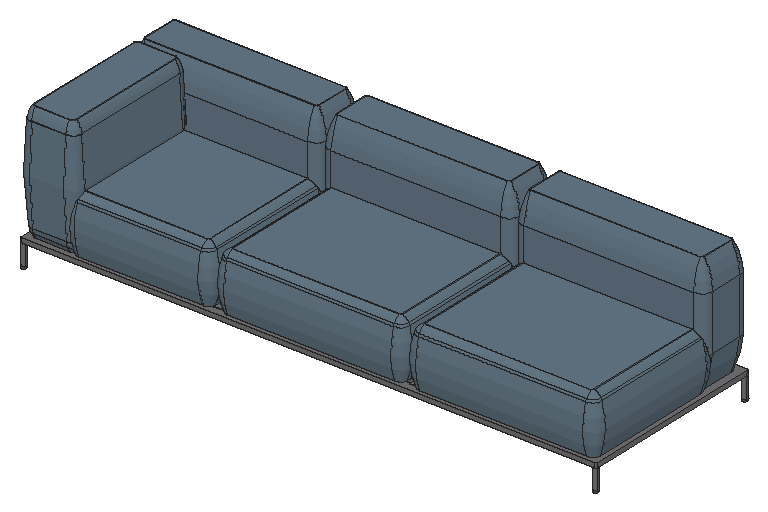
Revit family "Haworth_Mex-Hi_Sofa_Wide_OneArm", category Furniture, Revit 2018
Family settings
  OmniClass Number = 23.40.70.14.64.21
  OmniClass Title = Systems Furniture
  Work Plane-Based = No
  Always vertical = Yes
  Cut with Voids When Loaded = No
  Shared = No
  Room Calculation Point = No
Parameters (values of type "Three Seat Sofa")
  Warranty = "http://www.haworth.com/resources/product-info/warranties"
  URL - Product = "https://www.haworth.com/na/en/products/lounge-sofas/ottomans/mex-hi-seating.html"
  URL = "https://www.haworth.com/na/en/about/brands/haworth-collection.html"
  Two Seats Wide = no
  Trim Finish = Haworth _ Polymer _ Black
  Three Seats Wide = not(Two Seats Wide)  # yes
  Sustainability Info = "https://www.haworth.com/na/en/expertise/sustainability.html"
  Size = "Verify Final Dim. w/ Haworth"  # constant formula
  Seat Upholstery Finish [instance] = Haworth _ Leather _ Scozia _ Oceano ES-342
  Revision Number = "1"  # constant formula
  Model = "HCCSMHL"  # constant formula
  Manufacturer = "Haworth"  # constant formula
  Description = "Haworth - Cassina - Mex-Hi - Sofa - With One Arm - Wide Three Seat"
  Base Finish [instance] = Haworth _ Paint _ Matte Anthracite 69-ANT
  Back Upholstery Finish [instance] = Haworth _ Leather _ Scozia _ Oceano ES-342
  Author = "Haworth (Abd Rahman)"  # constant formula
  Assembly Code = "E2020200"
  Arm Finish [instance] = Haworth _ Leather _ Scozia _ Oceano ES-342
  Actual Width = if(Two Seats Wide, 86.60", 106.30")  # 106.30"
  Actual Height = 28.30"  # constant formula
  Actual Depth = 35.50"  # constant formula
Reference planes (in)
  plane 1: z = 0
  plane 2 "Center L/R": x = -6.11989
  plane 3 "Center F/B": y = -11.5
  plane 4 "Top": z = 28.3
  plane 5 "Back": y = 6.25
  plane 6 "Front": y = -29.25
  plane 7 "Right": x = 47.03011
  plane 8 "Left": x = -59.26989
  plane 9: x = -23.83656
  plane 10: x = 11.59677
  plane 11: z = 4.88189
Dimensions and locks (in)
  equal spacing: plane 8 "Left", plane 2 "Center L/R", plane 7 "Right"
  "Actual Width": plane 8 "Left" to plane 7 "Right"
  equal spacing: plane 5 "Back", plane 3 "Center F/B", plane 6 "Front"
  "Actual Depth": plane 5 "Back" to plane 6 "Front"
  "Actual Height": plane 4 "Top" to plane 1
  equal spacing: plane 8 "Left", plane 9, plane 10, plane 7 "Right"
  aligned and locked: nested 2 to plane 5 "Back"
  aligned and locked: plane 2 "Center L/R" to nested 8
  aligned and locked: plane 3 "Center F/B" to nested 8
  aligned and locked: plane 2 "Center L/R" to nested 1
  aligned and locked: plane 7 "Right" to nested 2
  aligned and locked: plane 8 "Left" to nested 3
  aligned and locked: nested 4 to plane 2 "Center L/R"
  aligned and locked: plane 8 "Left" to nested 6
  aligned and locked: plane 2 "Center L/R" to nested 9
  aligned and locked: plane 7 "Right" to nested 11
  aligned and locked: plane 8 "Left" to nested 12
  aligned and locked: plane 5 "Back" to nested 12
  aligned and locked: nested 11 to plane 5 "Back"
  aligned and locked: plane 7 "Right" to nested 5
  aligned and locked: nested 10 to plane 2 "Center L/R"
  aligned and locked: plane 9 to nested 7
  aligned and locked: nested 8 to plane 11
  aligned and locked: nested 3 to plane 11
  aligned and locked: nested 12 to plane 11
  aligned and locked: nested 4 to plane 11
  aligned and locked: plane 11 to nested 11
  aligned and locked: plane 11 to nested 2
  aligned and locked: nested 6 to plane 11
  aligned and locked: plane 11 to nested 7
  aligned and locked: plane 11 to nested 9
  aligned and locked: plane 11 to nested 1
  aligned and locked: plane 11 to nested 10
  aligned and locked: plane 11 to nested 5
  aligned and locked: plane 5 "Back" to nested 4
Nested families (in)
  nested 1: "Haworth_Mex-Hi_Sofa_Seat-Wide-PART" at (0, -3.81934, 0), Seat Upholstery Finish <- "Seat Upholstery Finish", visible <- "Three Seats Wide", type "Seat Wide - PART - Middle - Small"
    with Seat Upholstery Finish Haworth _ Leather _ Scozia _ Oceano ES-342
  nested 2: "Haworth_Mex-Hi_Sofa_Back-Wide-PART" at (35.78887, 9.90612, -0.04956), Back Upholstery Finish <- "Back Upholstery Finish", visible <- "Three Seats Wide", type "Back Wide - PART - Small"
    with Back Upholstery Finish Haworth _ Leather _ Scozia _ Oceano ES-342, Extra Small no
  nested 3: "Haworth_Mex-Hi_Sofa_Back-Wide-PART" at (-48.02865, 9.90612, -0.04956) x (-1, 0, 0) z (0, 0, 1), Back Upholstery Finish <- "Back Upholstery Finish", visible <- "Three Seats Wide", type "Back Wide - PART - Small"
    with Back Upholstery Finish Haworth _ Leather _ Scozia _ Oceano ES-342, Extra Small no
  nested 4: "Haworth_Mex-Hi_Sofa_Back-Wide-PART" at (-12.59365, 9.90612, -0.04956) x (-1, 0, 0) z (0, 0, 1), Back Upholstery Finish <- "Back Upholstery Finish", visible <- "Three Seats Wide", type "Back Wide - PART - Small"
    with Back Upholstery Finish Haworth _ Leather _ Scozia _ Oceano ES-342, Extra Small no
  nested 5: "Haworth_Mex-Hi_Sofa_Seat-Wide-PART" at (35.30039, -3.81836, 0), Seat Upholstery Finish <- "Seat Upholstery Finish", visible <- "Three Seats Wide", type "Seat Wide - PART - Middle - Small"
    with Seat Upholstery Finish Haworth _ Leather _ Scozia _ Oceano ES-342
  nested 6: "Haworth_Mex-Hi_Sofa_Arm-Wide-PART" at (-60.83683, -6.3526, -0.04956) x (-1, 0, 0) z (0, 0, 1), Arm Finish <- "Arm Finish", type "Arm Wide - PART"
    with Arm Finish Haworth _ Leather _ Scozia _ Oceano ES-342
  nested 7: "Haworth_Mex-Hi_Sofa_Seat-Wide-PART" at (-31.39794, -3.81836, 0), Seat Upholstery Finish <- "Seat Upholstery Finish", visible <- "Three Seats Wide", type "Seat Wide - PART - L/R"
    with Seat Upholstery Finish Haworth _ Leather _ Scozia _ Oceano ES-342
  nested 8: "Haworth_Mex-Hi_Sofa_Base-PART" at (0, 0, 0), Base Finish <- "Base Finish", type "Base - PART"
    with Base Finish Haworth _ Paint _ Matte Anthracite 69-ANT, Two Seats no
  nested 9: "Haworth_Mex-Hi_Sofa_Seat-Wide-PART" at (-17.84961, -3.81836, 0), visible <- "Two Seats Wide", Seat Upholstery Finish <- "Seat Upholstery Finish", type "Seat Wide - PART - Middle - Small"
    with Seat Upholstery Finish Haworth _ Leather _ Scozia _ Oceano ES-342
  nested 10: "Haworth_Mex-Hi_Sofa_Seat-Wide-PART" at (22.30183, -3.81836, 0), visible <- "Two Seats Wide", Seat Upholstery Finish <- "Seat Upholstery Finish", type "Seat Wide - PART - Middle - Large"
    with Seat Upholstery Finish Haworth _ Leather _ Scozia _ Oceano ES-342
  nested 11: "Haworth_Mex-Hi_Sofa_Back-Wide-PART" at (35.78887, 9.90612, -0.04956), visible <- "Two Seats Wide", Back Upholstery Finish <- "Back Upholstery Finish", type "Back Wide - PART - Large"
    with Back Upholstery Finish Haworth _ Leather _ Scozia _ Oceano ES-342, Extra Small no
  nested 12: "Haworth_Mex-Hi_Sofa_Back-Wide-PART" at (-48.02865, 9.90612, -0.04956) x (-1, 0, 0) z (0, 0, 1), visible <- "Two Seats Wide", Back Upholstery Finish <- "Back Upholstery Finish", type "Back Wide - PART - Large"
    with Back Upholstery Finish Haworth _ Leather _ Scozia _ Oceano ES-342, Extra Small no
Definition of nested family "Haworth_Mex-Hi_Sofa_Seat-Wide-PART"
  Parameters (values of type "Seat Wide - PART - Middle - Large")
    Warranty = "http://www.haworth.com/resources/product-info/warranties"
    URL - Product = "https://www.haworth.com/na/en/products/lounge-sofas/ottomans/mex-hi-seating.html"
    URL = "https://www.haworth.com/na/en/about/brands/haworth-collection.html"
    Sustainability Info = "https://www.haworth.com/na/en/expertise/sustainability.html"
    Size = "Verify Final Dim. w/ Haworth"  # constant formula
    Seat Upholstery Finish [instance] = none
    Seat Height = 17.00"  # constant formula
    Revision Number = "1"  # constant formula
    Peninsula Seat = no
    Model = "Haworth - Cassina - Mex-Hi"  # constant formula
    Middle Small Seat = no
    Middle Large Seat = yes
    Manufacturer = "Haworth"  # constant formula
    L/R Seat = no
    Description = "Haworth - Cassina - Mex-Hi - Seat - Wide - PART"  # constant formula
    Author = "Haworth (Abd Rahman)"  # constant formula
    Assembly Code = "E2020200"
    Actual Width = 35.69922"  # constant formula
    Actual Height = 27.39844"  # constant formula
    Actual Depth = 28.80078"  # constant formula
  Types (3): name | Middle Small Seat | Middle Large Seat | L/R Seat
    Seat Wide - PART - Middle - Large | no | yes | no
    Seat Wide - PART - Middle - Small | yes | no | no
    Seat Wide - PART - L/R | no | no | yes
  Reference planes (in)
    plane 1: z = 0
    plane 2 "Center L/R": x = -6.11989
    plane 3 "Center F/B": y = -11.5
    plane 4 "Top": z = 27.39844
    plane 5 "Back": y = 2.90039
    plane 6 "Front": y = -25.90039
    plane 7 "Right": x = 11.72972
    plane 8 "Left": x = -23.9695
    plane 9: z = 17
    plane 10: x = 21.18638
    plane 11: x = -30.55117
    plane 12: x = -28.42172
    plane 13: x = 16.11448
    plane 14: x = -19.80117
    plane 15: x = 7.56138
  Forms (in)
    Extrusion 1, solid, material <- "Seat Upholstery Finish", visible <- "Middle Small Seat"
      sketch origin (4.78944, 14.72405, 0) x (1, 0, 0) y (0, 1, 0)
        loop
          arc (4.64853, -14.53597) -> (4.58765, -14.38899) -> (4.44067, -14.32811) r 0.20787
          line (4.44067, -14.32811) -> (-26.25933, -14.32811)
          arc (-26.25933, -14.32811) -> (-26.40632, -14.38899) -> (-26.4672, -14.53597) r 0.20787
          line (-26.4672, -14.53597) -> (-26.4672, -37.69252)
          arc (-26.4672, -37.69252) -> (-26.40632, -37.83951) -> (-26.25933, -37.90039) r 0.20787
          line (-26.25933, -37.90039) -> (4.44067, -37.90039)
          arc (4.44067, -37.90039) -> (4.58765, -37.83951) -> (4.64853, -37.69252) r 0.20787
          line (4.64853, -37.69252) -> (4.64853, -14.53597)
      from 4.88189 to 15.36974
    Sweep 2, solid, material <- "Seat Upholstery Finish", visible <- "Middle Small Seat"
      path origin (4.78944, 14.72405, 0) x (1, 0, 0) y (0, 1, 0)
        loop
          arc (4.44067, -39.44252) -> (5.6781, -38.92996) -> (6.19067, -37.69252) r 1.75
          line (6.19067, -37.69252) -> (6.19067, -14.53597)
          arc (6.19067, -14.53597) -> (5.6781, -13.29854) -> (4.44067, -12.78597) r 1.75
          line (4.44067, -12.78597) -> (-26.25933, -12.78597)
          arc (-26.25933, -12.78597) -> (-27.49677, -13.29854) -> (-28.00933, -14.53597) r 1.75
          line (-28.00933, -14.53597) -> (-28.00933, -37.69252)
          arc (-28.00933, -37.69252) -> (-27.49677, -38.92996) -> (-26.25933, -39.44252) r 1.75
          line (-26.25933, -39.44252) -> (4.44067, -39.44252)
      profile origin (-6.11989, -24.71848, 0) x (0, -1, 0) y (0, 0, 1)
        loop
          arc (-0.11034, 13.92822) -> (-0.19803, 14.13034) -> (-0.31579, 14.31655) r 1.42697
          arc (-0.31579, 14.31655) -> (-0.8708, 14.91087) -> (-1.54213, 15.36974) r 3.70331
          line (-1.54213, 15.36974) -> (-1.54213, 4.88189) -> (-0.41268, 4.88189)
          arc (-0.41268, 4.88189) -> (0.57441, 9.37712) -> (-0.11034, 13.92822) r 12.66244
    Extrusion 3, solid, material <- "Seat Upholstery Finish", visible <- "L/R Seat"
      sketch origin (4.35194, 14.72405, 0) x (1, 0, 0) y (0, 1, 0)
        loop
          arc (0.87817, -37.90039) -> (1.02515, -37.83951) -> (1.08603, -37.69252) r 0.20787
          line (1.08603, -37.69252) -> (1.08603, -14.53597)
          arc (1.08603, -14.53597) -> (1.02515, -14.38899) -> (0.87817, -14.32811) r 0.20787
          line (0.87817, -14.32811) -> (-21.82183, -14.32811)
          arc (-21.82183, -14.32811) -> (-21.96882, -14.38899) -> (-22.0297, -14.53597) r 0.20787
          line (-22.0297, -14.53597) -> (-22.0297, -37.69252)
          arc (-22.0297, -37.69252) -> (-21.96882, -37.83951) -> (-21.82183, -37.90039) r 0.20787
          line (-21.82183, -37.90039) -> (0.87817, -37.90039)
      from 4.88189 to 15.36974
    Sweep 4, solid, material <- "Seat Upholstery Finish", visible <- "L/R Seat"
      path origin (4.35194, 14.72405, 0) x (1, 0, 0) y (0, 1, 0)
        loop
          arc (0.87817, -39.44252) -> (2.1156, -38.92996) -> (2.62817, -37.69252) r 1.75
          line (2.62817, -37.69252) -> (2.62817, -14.53597)
          arc (2.62817, -14.53597) -> (2.1156, -13.29854) -> (0.87817, -12.78597) r 1.75
          line (0.87817, -12.78597) -> (-21.82183, -12.78597)
          arc (-21.82183, -12.78597) -> (-23.05927, -13.29854) -> (-23.57183, -14.53597) r 1.75
          line (-23.57183, -14.53597) -> (-23.57183, -37.69252)
          arc (-23.57183, -37.69252) -> (-23.05927, -38.92996) -> (-21.82183, -39.44252) r 1.75
          line (-21.82183, -39.44252) -> (0.87817, -39.44252)
      profile origin (-6.11989, -24.71848, 0) x (0, -1, 0) y (0, 0, 1)
        loop
          arc (-0.11034, 13.92822) -> (-0.19803, 14.13034) -> (-0.31579, 14.31655) r 1.42697
          arc (-0.31579, 14.31655) -> (-0.8708, 14.91087) -> (-1.54213, 15.36974) r 3.70331
          line (-1.54213, 15.36974) -> (-1.54213, 4.88189) -> (-0.41268, 4.88189)
          arc (-0.41268, 4.88189) -> (0.57441, 9.37712) -> (-0.11034, 13.92822) r 12.66244
    Sweep 5, solid, material <- "Seat Upholstery Finish", visible <- "Peninsula Seat"
      path origin (4.53944, 14.72405, 0) x (1, 0, 0) y (0, 1, 0)
        loop
          arc (14.30963, -39.44252) -> (15.54706, -38.92996) -> (16.05963, -37.69252) r 1.75
          line (16.05963, -37.69252) -> (16.05963, -6.28597)
          arc (16.05963, -6.28597) -> (15.54706, -5.04854) -> (14.30963, -4.53597) r 1.75
          line (14.30963, -4.53597) -> (2.57093, -4.53597)
          arc (2.57093, -4.53597) -> (1.33349, -5.04854) -> (0.82093, -6.28597) r 1.75
          line (0.82093, -6.28597) -> (0.82093, -15.03597) -> (-32.75329, -15.03597)
          arc (-32.75329, -15.03597) -> (-33.99073, -15.54854) -> (-34.50329, -16.78597) r 1.75
          line (-34.50329, -16.78597) -> (-34.50329, -37.69252)
          arc (-34.50329, -37.69252) -> (-33.99073, -38.92996) -> (-32.75329, -39.44252) r 1.75
          line (-32.75329, -39.44252) -> (14.30963, -39.44252)
      profile origin (-4.68239, -24.71848, 0) x (0, -1, 0) y (0, 0, 1)
        loop
          arc (-0.11034, 13.92822) -> (-0.19803, 14.13034) -> (-0.31579, 14.31655) r 1.42697
          arc (-0.31579, 14.31655) -> (-0.8708, 14.91087) -> (-1.54213, 15.36974) r 3.70331
          line (-1.54213, 15.36974) -> (-1.54213, 4.88189) -> (-0.41268, 4.88189)
          arc (-0.41268, 4.88189) -> (0.57441, 9.37712) -> (-0.11034, 13.92822) r 12.66244
    Extrusion 6, solid, material <- "Seat Upholstery Finish", visible <- "Peninsula Seat"
      sketch origin (0, 0, 0) x (1, 0, 0) y (0, 1, 0)
        loop
          arc (-28.42172, -22.96848) -> (-28.36084, -23.11546) -> (-28.21385, -23.17634) r 0.20787
          line (-28.21385, -23.17634) -> (18.84907, -23.17634)
          arc (18.84907, -23.17634) -> (18.99605, -23.11546) -> (19.05693, -22.96848) r 0.20787
          line (19.05693, -22.96848) -> (19.05693, 8.43807)
          arc (19.05693, 8.43807) -> (18.99605, 8.58506) -> (18.84907, 8.64594) r 0.20787
          line (18.84907, 8.64594) -> (7.11037, 8.64594)
          arc (7.11037, 8.64594) -> (6.96338, 8.58506) -> (6.9025, 8.43807) r 0.20787
          line (6.9025, 8.43807) -> (6.9025, -1.85406) -> (-28.21385, -1.85406)
          arc (-28.21385, -1.85406) -> (-28.36084, -1.91494) -> (-28.42172, -2.06193) r 0.20787
          line (-28.42172, -2.06193) -> (-28.42172, -22.96848)
      from 4.88189 to 15.36974
    Sweep 7, solid, material <- "Seat Upholstery Finish", visible <- "Middle Large Seat"
      path origin (4.78944, 14.72405, 0) x (1, 0, 0) y (0, 1, 0)
        loop
          arc (8.99067, -39.44252) -> (10.2281, -38.92996) -> (10.74067, -37.69252) r 1.75
          line (10.74067, -37.69252) -> (10.74067, -14.53597)
          arc (10.74067, -14.53597) -> (10.2281, -13.29854) -> (8.99067, -12.78597) r 1.75
          line (8.99067, -12.78597) -> (-30.80933, -12.78597)
          arc (-30.80933, -12.78597) -> (-32.04677, -13.29854) -> (-32.55933, -14.53597) r 1.75
          line (-32.55933, -14.53597) -> (-32.55933, -37.69252)
          arc (-32.55933, -37.69252) -> (-32.04677, -38.92996) -> (-30.80933, -39.44252) r 1.75
          line (-30.80933, -39.44252) -> (8.99067, -39.44252)
      profile origin (-6.11989, -24.71848, 0) x (0, -1, 0) y (0, 0, 1)
        loop
          arc (-0.11034, 13.92822) -> (-0.19803, 14.13034) -> (-0.31579, 14.31655) r 1.42697
          arc (-0.31579, 14.31655) -> (-0.8708, 14.91087) -> (-1.54213, 15.36974) r 3.70331
          line (-1.54213, 15.36974) -> (-1.54213, 4.88189) -> (-0.41268, 4.88189)
          arc (-0.41268, 4.88189) -> (0.57441, 9.37712) -> (-0.11034, 13.92822) r 12.66244
    Extrusion 8, solid, material <- "Seat Upholstery Finish", visible <- "Middle Large Seat"
      sketch origin (4.78944, 14.97405, 0) x (1, 0, 0) y (0, 1, 0)
        loop
          arc (9.19853, -14.53597) -> (9.13765, -14.38899) -> (8.99067, -14.32811) r 0.20787
          line (8.99067, -14.32811) -> (-30.80933, -14.32811)
          arc (-30.80933, -14.32811) -> (-30.95632, -14.38899) -> (-31.0172, -14.53597) r 0.20787
          line (-31.0172, -14.53597) -> (-31.0172, -37.94252)
          arc (-31.0172, -37.94252) -> (-30.95632, -38.08951) -> (-30.80933, -38.15039) r 0.20787
          line (-30.80933, -38.15039) -> (8.99067, -38.15039)
          arc (8.99067, -38.15039) -> (9.13765, -38.08951) -> (9.19853, -37.94252) r 0.20787
          line (9.19853, -37.94252) -> (9.19853, -14.53597)
      from 4.88189 to 15.36974
  Lines and regions (in)
    Masking region 1, visible <- "Middle Small Seat"
      outline origin (0, 0, 0) x (1, 0, 0) y (0, 1, 0)
        loop
          line (-23.80117, 0.15039) -> (-23.80117, -22.93079)
          arc (-23.80117, -22.93079) -> (-23.06894, -24.69856) -> (-21.30117, -25.43079) r 2.5
          line (-21.30117, -25.43079) -> (9.06138, -25.43079)
          arc (9.06138, -25.43079) -> (10.82915, -24.69856) -> (11.56138, -22.93079) r 2.5
          line (11.56138, -22.93079) -> (11.56138, 0.15039)
          arc (11.56138, 0.15039) -> (10.82915, 1.91816) -> (9.06138, 2.65039) r 2.5
          line (9.06138, 2.65039) -> (-21.30117, 2.65039)
          arc (-21.30117, 2.65039) -> (-23.06894, 1.91816) -> (-23.80117, 0.15039) r 2.5
    Masking region 2, visible <- "L/R Seat"
      outline origin (0, 0, 0) x (1, 0, 0) y (0, 1, 0)
        loop
          line (-19.80117, 0.15039) -> (-19.80117, -22.93079)
          arc (-19.80117, -22.93079) -> (-19.06894, -24.69856) -> (-17.30117, -25.43079) r 2.5
          line (-17.30117, -25.43079) -> (5.06138, -25.43079)
          arc (5.06138, -25.43079) -> (6.82915, -24.69856) -> (7.56138, -22.93079) r 2.5
          line (7.56138, -22.93079) -> (7.56138, 0.15039)
          arc (7.56138, 0.15039) -> (6.82915, 1.91816) -> (5.06138, 2.65039) r 2.5
          line (5.06138, 2.65039) -> (-17.30117, 2.65039)
          arc (-17.30117, 2.65039) -> (-19.06894, 1.91816) -> (-19.80117, 0.15039) r 2.5
    Masking region 3, visible <- "Peninsula Seat"
      outline origin (0, 0, 0) x (1, 0, 0) y (0, 1, 0)
        loop
          line (4.77305, 0.27539) -> (-28.30117, 0.27539)
          arc (-28.30117, 0.27539) -> (-29.89216, -0.38362) -> (-30.55117, -1.97461) r 2.25
          line (-30.55117, -1.97461) -> (-30.55117, -23.05579)
          arc (-30.55117, -23.05579) -> (-29.89216, -24.64678) -> (-28.30117, -25.30579) r 2.25
          line (-28.30117, -25.30579) -> (18.93638, -25.30579)
          arc (18.93638, -25.30579) -> (20.52737, -24.64678) -> (21.18638, -23.05579) r 2.25
          line (21.18638, -23.05579) -> (21.18638, 8.52539)
          arc (21.18638, 8.52539) -> (20.52737, 10.11638) -> (18.93638, 10.77539) r 2.25
          line (18.93638, 10.77539) -> (7.02305, 10.77539)
          arc (7.02305, 10.77539) -> (5.43206, 10.11638) -> (4.77305, 8.52539) r 2.25
          line (4.77305, 8.52539) -> (4.77305, 0.27539)
    Masking region 4, visible <- "Middle Large Seat"
      outline origin (0, 0, 0) x (1, 0, 0) y (0, 1, 0)
        loop
          line (-28.42172, 0.15039) -> (-28.42172, -22.93079)
          arc (-28.42172, -22.93079) -> (-27.68949, -24.69856) -> (-25.92172, -25.43079) r 2.5
          line (-25.92172, -25.43079) -> (13.61448, -25.43079)
          arc (13.61448, -25.43079) -> (15.38225, -24.69856) -> (16.11448, -22.93079) r 2.5
          line (16.11448, -22.93079) -> (16.11448, 0.15039)
          arc (16.11448, 0.15039) -> (15.38225, 1.91816) -> (13.61448, 2.65039) r 2.5
          line (13.61448, 2.65039) -> (-25.92172, 2.65039)
          arc (-25.92172, 2.65039) -> (-27.68949, 1.91816) -> (-28.42172, 0.15039) r 2.5
  Dimensions and locks (in)
    equal spacing: plane 8 "Left", plane 2 "Center L/R", plane 7 "Right"
    "Actual Width": plane 8 "Left" to plane 7 "Right"
    equal spacing: plane 5 "Back", plane 3 "Center F/B", plane 6 "Front"
    "Actual Depth": plane 5 "Back" to plane 6 "Front"
    "Actual Height": plane 4 "Top" to plane 1
    "Seat Height": plane 9 to level
    aligned and locked: Sweep 7 to Extrusion 8 sketch curve
    aligned and locked: Extrusion 8 sketch curve to Sweep 7
  Automatic sketch dimensions
    plane 8 "Left" to Extrusion 1 sketch curve = 2.29174"
    Extrusion 1 sketch curve to Extrusion 1 sketch curve = 0.20787"  (x3)
    Extrusion 1 sketch curve to plane 7 "Right" = 2.49961"  (x2)
    plane 6 "Front" to Extrusion 1 sketch curve = 2.72405"
    Extrusion 1 sketch curve to plane 5 "Back" = 2.71232"
    plane 8 "Left" to Sweep 2 sketch curve = 0.74961"
    Sweep 2 sketch curve to plane 5 "Back" = 0.96232"
    Sweep 2 sketch curve to Sweep 2 sketch curve = 1.75"  (x2)
    plane 6 "Front" to Sweep 2 sketch curve = 1.18191"
    Sweep 2 sketch curve to plane 7 "Right" = 2.49961"  (x2)
    Sweep 2 sketch curve to plane 7 "Right" = 0.74961"
    profile plane to Sweep 2 sketch curve = 12.08096"
    profile plane to Sweep 2 sketch curve = 3.28358"
    profile plane to Sweep 2 sketch curve = 1.54213"
    profile plane to Sweep 2 sketch curve = 1.45935"
    profile plane to Sweep 2 sketch curve = 0.41268"
    level to Sweep 2 sketch curve = 4.88189"
    level to Sweep 2 sketch curve = 9.80008"
    Sweep 2 sketch curve to Sweep 2 sketch curve = 7.21954"
    Sweep 2 sketch curve to Sweep 2 sketch curve = 1.36158"
    Sweep 2 sketch curve to Sweep 2 sketch curve = 1.90673"
    Sweep 2 sketch curve to Sweep 2 sketch curve = 0.00"
    plane 6 "Front" to Extrusion 3 sketch curve = 2.93191"  (x2)
    plane 8 "Left" to Extrusion 3 sketch curve = 6.29174"
    Extrusion 3 sketch curve to Extrusion 3 sketch curve = 0.20787"  (x2)
    Extrusion 3 sketch curve to plane 5 "Back" = 2.71232"
    Extrusion 3 sketch curve to plane 7 "Right" = 6.49961"  (x2)
    plane 8 "Left" to Sweep 4 sketch curve = 4.74961"
    Sweep 4 sketch curve to plane 5 "Back" = 0.96232"
    Sweep 4 sketch curve to Sweep 4 sketch curve = 1.75"  (x3)
    plane 6 "Front" to Sweep 4 sketch curve = 1.18191"
    plane 6 "Front" to Sweep 4 sketch curve = 2.93191"
    Sweep 4 sketch curve to plane 7 "Right" = 6.49961"
    profile plane to Sweep 4 sketch curve = 12.08096"
    profile plane to Sweep 4 sketch curve = 3.28358"
    profile plane to Sweep 4 sketch curve = 1.54213"
    profile plane to Sweep 4 sketch curve = 1.45935"
    profile plane to Sweep 4 sketch curve = 0.41268"
    level to Sweep 4 sketch curve = 4.88189"
    level to Sweep 4 sketch curve = 9.80008"
    Sweep 4 sketch curve to Sweep 4 sketch curve = 7.21954"
    Sweep 4 sketch curve to Sweep 4 sketch curve = 1.36158"
    Sweep 4 sketch curve to Sweep 4 sketch curve = 1.90673"
    Sweep 4 sketch curve to Sweep 4 sketch curve = 0.00"
    plane 8 "Left" to Masking region 1 sketch curve = 0.16833"
    plane 6 "Front" to Masking region 1 sketch curve = 0.4696"
    plane 8 "Left" to Masking region 1 sketch curve = 2.66833"
    Masking region 1 sketch curve to Masking region 1 sketch curve = 2.50"
    Masking region 1 sketch curve to plane 5 "Back" = 0.25"
    Masking region 1 sketch curve to plane 7 "Right" = 2.66833"  (x2)
    Masking region 1 sketch curve to plane 7 "Right" = 0.16833"
    plane 8 "Left" to Masking region 2 sketch curve = 4.16833"
    Masking region 2 sketch curve to Masking region 2 sketch curve = 2.50"  (x3)
    Masking region 2 sketch curve to plane 5 "Back" = 0.25"
    Masking region 2 sketch curve to plane 7 "Right" = 6.66833"  (x2)
    plane 6 "Front" to Masking region 2 sketch curve = 0.4696"
    Sweep 5 sketch curve to plane 8 "Left" = 5.99435"
    Sweep 5 sketch curve to Sweep 5 sketch curve = 1.75"  (x4)
    Sweep 5 sketch curve to plane 7 "Right" = 6.36935"
    plane 7 "Right" to Sweep 5 sketch curve = 7.11935"  (x2)
    plane 6 "Front" to Sweep 5 sketch curve = 2.93191"
    Sweep 5 sketch curve to plane 5 "Back" = 4.96232"
    plane 5 "Back" to Sweep 5 sketch curve = 5.53768"
    profile plane to Sweep 5 sketch curve = 12.08096"
    profile plane to Sweep 5 sketch curve = 3.28358"
    profile plane to Sweep 5 sketch curve = 1.54213"
    profile plane to Sweep 5 sketch curve = 1.45935"
    profile plane to Sweep 5 sketch curve = 0.41268"
    level to Sweep 5 sketch curve = 4.88189"
    level to Sweep 5 sketch curve = 9.80008"
    Sweep 5 sketch curve to Sweep 5 sketch curve = 7.21954"
    Sweep 5 sketch curve to Sweep 5 sketch curve = 1.36158"
    Sweep 5 sketch curve to Sweep 5 sketch curve = 1.90673"
    Sweep 5 sketch curve to Sweep 5 sketch curve = 0.00"
    Extrusion 6 sketch curve to plane 8 "Left" = 4.45222"
    Extrusion 6 sketch curve to Extrusion 6 sketch curve = 0.20787"  (x4)
    Extrusion 6 sketch curve to plane 7 "Right" = 4.82722"
    plane 6 "Front" to Extrusion 6 sketch curve = 2.72405"
    plane 7 "Right" to Extrusion 6 sketch curve = 7.11935"  (x2)
    Extrusion 6 sketch curve to plane 5 "Back" = 4.96232"
    plane 5 "Back" to Extrusion 6 sketch curve = 5.53768"
    Masking region 3 sketch curve to plane 8 "Left" = 6.58167"
    plane 6 "Front" to Masking region 3 sketch curve = 0.5946"
    Masking region 3 sketch curve to Masking region 3 sketch curve = 2.25"  (x4)
    Masking region 3 sketch curve to plane 5 "Back" = 2.625"
    Masking region 3 sketch curve to plane 7 "Right" = 6.95667"
    plane 7 "Right" to Masking region 3 sketch curve = 7.20667"  (x2)
    plane 5 "Back" to Masking region 3 sketch curve = 5.625"
    Sweep 7 sketch curve to plane 8 "Left" = 3.80039"
    Sweep 7 sketch curve to plane 5 "Back" = 0.96232"
    Sweep 7 sketch curve to plane 8 "Left" = 2.05039"  (x2)
    plane 6 "Front" to Sweep 7 sketch curve = 1.18191"
    plane 7 "Right" to Sweep 7 sketch curve = 2.05039"  (x2)
    Sweep 7 sketch curve to Sweep 7 sketch curve = 1.75"
    profile plane to Sweep 7 sketch curve = 12.08096"
    profile plane to Sweep 7 sketch curve = 3.28358"
    profile plane to Sweep 7 sketch curve = 1.54213"
    profile plane to Sweep 7 sketch curve = 1.45935"
    profile plane to Sweep 7 sketch curve = 0.41268"
    level to Sweep 7 sketch curve = 4.88189"
    level to Sweep 7 sketch curve = 9.80008"
    Sweep 7 sketch curve to Sweep 7 sketch curve = 7.21954"
    Sweep 7 sketch curve to Sweep 7 sketch curve = 1.36158"
    Sweep 7 sketch curve to Sweep 7 sketch curve = 1.90673"
    Sweep 7 sketch curve to Sweep 7 sketch curve = 0.00"
    Extrusion 8 sketch curve to Extrusion 8 sketch curve = 0.20787"  (x4)
    plane 6 "Front" to Extrusion 8 sketch curve = 2.72405"
    Extrusion 8 sketch curve to plane 5 "Back" = 2.46232"
    Masking region 4 sketch curve to plane 5 "Back" = 2.75"
    Masking region 4 sketch curve to plane 8 "Left" = 4.45222"
    plane 6 "Front" to Masking region 4 sketch curve = 0.4696"
    Masking region 4 sketch curve to plane 8 "Left" = 1.95222"  (x2)
    plane 7 "Right" to Masking region 4 sketch curve = 1.88477"  (x2)
    Masking region 4 sketch curve to Masking region 4 sketch curve = 2.50"
Definition of nested family "Haworth_Mex-Hi_Sofa_Back-Wide-PART"
  Parameters (values of type "Back Wide - PART - Small")
    Warranty = "http://www.haworth.com/resources/product-info/warranties"
    URL - Product = "https://www.haworth.com/na/en/products/lounge-sofas/ottomans/mex-hi-seating.html"
    URL = "https://www.haworth.com/na/en/about/brands/haworth-collection.html"
    Sustainability Info = "https://www.haworth.com/na/en/expertise/sustainability.html"
    Small = yes
    Size = "Verify Final Dim. w/ Haworth"  # constant formula
    Seat Height = 17.00"  # constant formula
    Revision Number = "1"  # constant formula
    Model = "Haworth - Cassina - Mex-Hi"  # constant formula
    Manufacturer = "Haworth"  # constant formula
    Large = no
    Extra Small = yes
    Description = "Haworth - Cassina - Mex-Hi - Back - Wide - PART"  # constant formula
    Back Upholstery Finish [instance] = none
    Author = "Haworth (Abd Rahman)"  # constant formula
    Assembly Code = "E2020200"
    Actual Width = 35.43"  # constant formula
    Actual Height = 27.39844"  # constant formula
    Actual Depth = 10.60"  # constant formula
  Types (2): name | Small | Large
    Back Wide - PART - Small | yes | no
    Back Wide - PART - Large | no | yes
  Reference planes (in)
    plane 1: z = 0
    plane 2 "Top": z = 27.39844
    plane 3: z = 17
    plane 4 "Right": x = 11.24124
    plane 5 "Left": x = -24.18876
    plane 6 "Center (Left/Right)": x = -6.47376
    plane 7 "Back": y = -3.65612
    plane 8 "Front": y = -14.25612
    plane 9 "Center (Front/Back)": y = -8.95612
    plane 10: x = -20.15376
    plane 11: x = 7.20624
  Forms (in)
    Extrusion 1, solid, material <- "Back Upholstery Finish", visible <- "Small"
      sketch origin (0, 0.1875, 0) x (1, 0, 0) y (0, 1, 0)
        loop
          line (-22.40055, -6.01823) -> (-22.40055, -12.26715)
          arc (-22.40055, -12.26715) -> (-22.28726, -12.54067) -> (-22.01374, -12.65397) r 0.38681
          line (-22.01374, -12.65397) -> (9.07786, -12.65397)
          arc (9.07786, -12.65397) -> (9.35138, -12.54067) -> (9.46468, -12.26715) r 0.38681
          line (9.46468, -12.26715) -> (9.46468, -6.01823)
          arc (9.46468, -6.01823) -> (9.35138, -5.74471) -> (9.07786, -5.63141) r 0.38681
          line (9.07786, -5.63141) -> (-22.01374, -5.63141)
          arc (-22.01374, -5.63141) -> (-22.28726, -5.74471) -> (-22.40055, -6.01823) r 0.38681
      from 4.93145 to 26.69365
    Sweep 2, solid, material <- "Back Upholstery Finish", visible <- "Small"
      path origin (0, 0.1875, 0) x (1, 0, 0) y (0, 1, 0)
        loop
          arc (-22.01374, -5.51823) -> (-22.36729, -5.66467) -> (-22.51374, -6.01823) r 0.5
          line (-22.51374, -6.01823) -> (-22.51374, -12.26715)
          arc (-22.51374, -12.26715) -> (-22.36729, -12.62071) -> (-22.01374, -12.76715) r 0.5
          line (-22.01374, -12.76715) -> (9.07786, -12.76715)
          arc (9.07786, -12.76715) -> (9.43142, -12.62071) -> (9.57786, -12.26715) r 0.5
          line (9.57786, -12.26715) -> (9.57786, -6.01823)
          arc (9.57786, -6.01823) -> (9.43142, -5.66467) -> (9.07786, -5.51823) r 0.5
          line (9.07786, -5.51823) -> (-22.01374, -5.51823)
      profile origin (-6.46794, -5.33073, 0) x (0, 1, 0) y (0, 0, 1)
        loop
          arc (1.49021, 21.44568) -> (0.98441, 24.16007) -> (-0.11319, 26.69365) r 12.32019
          line (-0.11319, 26.69365) -> (-0.11319, 4.93145)
          arc (-0.11319, 4.93145) -> (0.96903, 7.99176) -> (1.49021, 11.19568) r 18.19442
          arc (1.49021, 11.19568) -> (1.67463, 16.32068) -> (1.49021, 21.44568) r 71.30597
    Sweep 3, solid, material <- "Back Upholstery Finish", visible <- "Large"
      path origin (0, 0.1875, 0) x (1, 0, 0) y (0, 1, 0)
        loop
          arc (-29.78736, -5.63141) -> (-30.14092, -5.77786) -> (-30.28736, -6.13141) r 0.5
          line (-30.28736, -6.13141) -> (-30.28736, -12.15397)
          arc (-30.28736, -12.15397) -> (-30.14092, -12.50752) -> (-29.78736, -12.65397) r 0.5
          line (-29.78736, -12.65397) -> (8.96468, -12.65397)
          arc (8.96468, -12.65397) -> (9.31823, -12.50752) -> (9.46468, -12.15397) r 0.5
          line (9.46468, -12.15397) -> (9.46468, -6.13141)
          arc (9.46468, -6.13141) -> (9.31823, -5.77786) -> (8.96468, -5.63141) r 0.5
          line (8.96468, -5.63141) -> (-29.78736, -5.63141)
      profile origin (-10.41134, -5.44391, 0) x (0, 1, 0) y (0, 0, 1)
        loop
          arc (1.49021, 21.44568) -> (0.98441, 24.16007) -> (-0.11319, 26.69365) r 12.32019
          line (-0.11319, 26.69365) -> (-0.11319, 4.93145)
          arc (-0.11319, 4.93145) -> (0.96903, 7.99176) -> (1.49021, 11.19568) r 18.19442
          arc (1.49021, 11.19568) -> (1.67463, 16.32068) -> (1.49021, 21.44568) r 71.30597
    Extrusion 4, solid, material <- "Back Upholstery Finish", visible <- "Large"
      sketch origin (0, 0.1875, 0) x (1, 0, 0) y (0, 1, 0)
        loop
          line (-30.17418, -6.13141) -> (-30.17418, -12.15397)
          arc (-30.17418, -12.15397) -> (-30.06088, -12.42749) -> (-29.78736, -12.54078) r 0.38681
          line (-29.78736, -12.54078) -> (8.96468, -12.54078)
          arc (8.96468, -12.54078) -> (9.2382, -12.42749) -> (9.35149, -12.15397) r 0.38681
          line (9.35149, -12.15397) -> (9.35149, -6.13141)
          arc (9.35149, -6.13141) -> (9.2382, -5.85789) -> (8.96468, -5.7446) r 0.38681
          line (8.96468, -5.7446) -> (-29.78736, -5.7446)
          arc (-29.78736, -5.7446) -> (-30.06088, -5.85789) -> (-30.17418, -6.13141) r 0.38681
      from 4.93145 to 26.69365
    Sweep 5, solid, material <- "Back Upholstery Finish", visible <- "Extra Small"
      path origin (0, 0.1875, 0) x (1, 0, 0) y (0, 1, 0)
        loop
          arc (-17.90376, -5.51823) -> (-18.25731, -5.66467) -> (-18.40376, -6.01823) r 0.5
          line (-18.40376, -6.01823) -> (-18.40376, -12.26715)
          arc (-18.40376, -12.26715) -> (-18.25731, -12.62071) -> (-17.90376, -12.76715) r 0.5
          line (-17.90376, -12.76715) -> (4.95624, -12.76715)
          arc (4.95624, -12.76715) -> (5.30979, -12.62071) -> (5.45624, -12.26715) r 0.5
          line (5.45624, -12.26715) -> (5.45624, -6.01823)
          arc (5.45624, -6.01823) -> (5.30979, -5.66467) -> (4.95624, -5.51823) r 0.5
          line (4.95624, -5.51823) -> (-17.90376, -5.51823)
      profile origin (-6.47376, -5.33073, 0) x (0, 1, 0) y (0, 0, 1)
        loop
          arc (1.49021, 21.44568) -> (0.98441, 24.16007) -> (-0.11319, 26.69365) r 12.32019
          line (-0.11319, 26.69365) -> (-0.11319, 4.93145)
          arc (-0.11319, 4.93145) -> (0.96903, 7.99176) -> (1.49021, 11.19568) r 18.19442
          arc (1.49021, 11.19568) -> (1.67463, 16.32068) -> (1.49021, 21.44568) r 71.30597
    Extrusion 6, solid, material <- "Back Upholstery Finish", visible <- "Extra Small"
      sketch origin (0, 0.1875, 0) x (1, 0, 0) y (0, 1, 0)
        loop
          line (-18.29057, -6.01823) -> (-18.29057, -12.26715)
          arc (-18.29057, -12.26715) -> (-18.17728, -12.54067) -> (-17.90376, -12.65397) r 0.38681
          line (-17.90376, -12.65397) -> (4.95624, -12.65397)
          arc (4.95624, -12.65397) -> (5.22976, -12.54067) -> (5.34306, -12.26715) r 0.38681
          line (5.34306, -12.26715) -> (5.34306, -6.01823)
          arc (5.34306, -6.01823) -> (5.22976, -5.74471) -> (4.95624, -5.63141) r 0.38681
          line (4.95624, -5.63141) -> (-17.90376, -5.63141)
          arc (-17.90376, -5.63141) -> (-18.17728, -5.74471) -> (-18.29057, -6.01823) r 0.38681
      from 4.93145 to 26.69365
  Lines and regions (in)
    Masking region 1, visible <- "Large"
      outline origin (0, 0, 0) x (1, 0, 0) y (0, 1, 0)
        loop
          line (-31.95339, -5.80612) -> (-31.95339, -12.10612)
          arc (-31.95339, -12.10612) -> (-31.32367, -13.6264) -> (-29.80339, -14.25612) r 2.15
          line (-29.80339, -14.25612) -> (9.0884, -14.25612)
          arc (9.0884, -14.25612) -> (10.61069, -13.62556) -> (11.24124, -12.10328) r 2.15284
          line (11.24124, -12.10328) -> (11.24124, -5.80612)
          arc (11.24124, -5.80612) -> (10.61152, -4.28584) -> (9.09124, -3.65612) r 2.15
          line (9.09124, -3.65612) -> (-29.80339, -3.65612)
          arc (-29.80339, -3.65612) -> (-31.32367, -4.28584) -> (-31.95339, -5.80612) r 2.15
    Masking region 2, visible <- "Small"
      outline origin (0, 0, 0) x (1, 0, 0) y (0, 1, 0)
        loop
          line (-24.18876, -5.80612) -> (-24.18876, -12.10612)
          arc (-24.18876, -12.10612) -> (-23.55904, -13.6264) -> (-22.03876, -14.25612) r 2.15
          line (-22.03876, -14.25612) -> (9.0884, -14.25612)
          arc (9.0884, -14.25612) -> (10.61069, -13.62556) -> (11.24124, -12.10328) r 2.15284
          line (11.24124, -12.10328) -> (11.24124, -5.80612)
          arc (11.24124, -5.80612) -> (10.61152, -4.28584) -> (9.09124, -3.65612) r 2.15
          line (9.09124, -3.65612) -> (-22.03876, -3.65612)
          arc (-22.03876, -3.65612) -> (-23.55904, -4.28584) -> (-24.18876, -5.80612) r 2.15
    Masking region 3, visible <- "Extra Small"
      outline origin (0, 0, 0) x (1, 0, 0) y (0, 1, 0)
        loop
          line (-20.15376, -5.80612) -> (-20.15376, -12.10612)
          arc (-20.15376, -12.10612) -> (-19.52404, -13.6264) -> (-18.00376, -14.25612) r 2.15
          line (-18.00376, -14.25612) -> (5.0534, -14.25612)
          arc (5.0534, -14.25612) -> (6.57569, -13.62556) -> (7.20624, -12.10328) r 2.15284
          line (7.20624, -12.10328) -> (7.20624, -5.80612)
          arc (7.20624, -5.80612) -> (6.57652, -4.28584) -> (5.05624, -3.65612) r 2.15
          line (5.05624, -3.65612) -> (-18.00376, -3.65612)
          arc (-18.00376, -3.65612) -> (-19.52404, -4.28584) -> (-20.15376, -5.80612) r 2.15
  Dimensions and locks (in)
    "Actual Height": plane 2 "Top" to plane 1
    "Seat Height": plane 3 to level
    equal spacing: plane 5 "Left", plane 6 "Center (Left/Right)", plane 4 "Right"
    "Actual Width": plane 5 "Left" to plane 4 "Right"
    equal spacing: plane 8 "Front", plane 9 "Center (Front/Back)", plane 7 "Back"
    "Actual Depth": plane 8 "Front" to plane 7 "Back"
    Masking region 3 sketch curve to plane 6 "Center (Left/Right)" to Masking region 3 sketch curve = 13.68", 13.68"
  Automatic sketch dimensions
    Extrusion 1 sketch curve to plane 5 "Left" = 1.78821"
    Extrusion 1 sketch curve to Extrusion 1 sketch curve = 0.38681"  (x3)
    Extrusion 1 sketch curve to plane 4 "Right" = 2.16338"  (x2)
    plane 8 "Front" to Extrusion 1 sketch curve = 1.78965"
    plane 7 "Back" to Extrusion 1 sketch curve = 2.17461"
    Sweep 2 sketch curve to plane 5 "Left" = 1.67502"
    Sweep 2 sketch curve to Sweep 2 sketch curve = 0.50"  (x3)
    Sweep 2 sketch curve to plane 4 "Right" = 2.16338"  (x2)
    plane 8 "Front" to Sweep 2 sketch curve = 1.67646"
    plane 7 "Back" to Sweep 2 sketch curve = 2.17461"
    level to Sweep 2 sketch curve = 16.32068"
    profile plane to Sweep 2 sketch curve = 69.63135"
    profile plane to Sweep 2 sketch curve = 16.65715"
    Sweep 2 sketch curve to Sweep 2 sketch curve = 5.85904"
    profile plane to Sweep 2 sketch curve = 0.11319"
    level to Sweep 2 sketch curve = 12.50337"
    level to Sweep 2 sketch curve = 4.93145"
    Sweep 2 sketch curve to Sweep 2 sketch curve = 8.05681"
    Sweep 2 sketch curve to Sweep 2 sketch curve = 6.13346"
    Sweep 2 sketch curve to Sweep 2 sketch curve = 0.00"
    Masking region 1 sketch curve to plane 8 "Front" = 0.00"
    plane 7 "Back" to Masking region 1 sketch curve = 0.00"
    Masking region 1 sketch curve to plane 4 "Right" = 0.00"
    Masking region 1 sketch curve to plane 4 "Right" = 2.15"
    Masking region 1 sketch curve to Masking region 1 sketch curve = 2.15284"
    plane 7 "Back" to Masking region 1 sketch curve = 2.15"
    plane 5 "Left" to Masking region 1 sketch curve = 5.61464"
    Masking region 1 sketch curve to Masking region 1 sketch curve = 2.15"
    plane 8 "Front" to Sweep 3 sketch curve = 2.28965"
    plane 5 "Left" to Sweep 3 sketch curve = 6.09861"
    Sweep 3 sketch curve to Sweep 3 sketch curve = 0.50"  (x3)
    Sweep 3 sketch curve to plane 4 "Right" = 2.27656"  (x2)
    plane 7 "Back" to Sweep 3 sketch curve = 2.2878"
    level to Sweep 3 sketch curve = 16.32068"
    profile plane to Sweep 3 sketch curve = 69.63135"
    profile plane to Sweep 3 sketch curve = 16.65715"
    Sweep 3 sketch curve to Sweep 3 sketch curve = 5.85904"
    profile plane to Sweep 3 sketch curve = 0.11319"
    level to Sweep 3 sketch curve = 12.50337"
    level to Sweep 3 sketch curve = 4.93145"
    Sweep 3 sketch curve to Sweep 3 sketch curve = 8.05681"
    Sweep 3 sketch curve to Sweep 3 sketch curve = 6.13346"
    Sweep 3 sketch curve to Sweep 3 sketch curve = 0.00"
    plane 7 "Back" to Extrusion 4 sketch curve = 2.2878"
    plane 5 "Left" to Extrusion 4 sketch curve = 5.98542"
    Extrusion 4 sketch curve to Extrusion 4 sketch curve = 0.38681"  (x3)
    Extrusion 4 sketch curve to plane 4 "Right" = 2.27656"  (x2)
    plane 8 "Front" to Extrusion 4 sketch curve = 2.28965"
    Masking region 2 sketch curve to plane 5 "Left" = 0.00"
    Masking region 2 sketch curve to plane 8 "Front" = 0.00"
    plane 7 "Back" to Masking region 2 sketch curve = 0.00"
    Masking region 2 sketch curve to plane 4 "Right" = 0.00"
    Masking region 2 sketch curve to plane 5 "Left" = 2.15"  (x2)
    Masking region 2 sketch curve to plane 4 "Right" = 2.15284"
    Masking region 2 sketch curve to Masking region 2 sketch curve = 2.15"
    Masking region 3 sketch curve to plane 8 "Front" = 0.00"
    plane 7 "Back" to Masking region 3 sketch curve = 0.00"
    plane 8 "Front" to Masking region 3 sketch curve = 2.15"
    Masking region 3 sketch curve to Masking region 3 sketch curve = 2.15"
    Masking region 3 sketch curve to Masking region 3 sketch curve = 2.15284"
    plane 7 "Back" to Masking region 3 sketch curve = 2.15"
    plane 8 "Front" to Sweep 5 sketch curve = 2.17646"  (x2)
    Sweep 5 sketch curve to plane 5 "Left" = 5.785"
    Sweep 5 sketch curve to Sweep 5 sketch curve = 0.50"  (x3)
    Sweep 5 sketch curve to plane 4 "Right" = 6.285"
    plane 7 "Back" to Sweep 5 sketch curve = 2.17461"
    level to Sweep 5 sketch curve = 16.32068"
    profile plane to Sweep 5 sketch curve = 69.63135"
    profile plane to Sweep 5 sketch curve = 16.65715"
    Sweep 5 sketch curve to Sweep 5 sketch curve = 5.85904"
    profile plane to Sweep 5 sketch curve = 0.11319"
    level to Sweep 5 sketch curve = 12.50337"
    level to Sweep 5 sketch curve = 4.93145"
    Sweep 5 sketch curve to Sweep 5 sketch curve = 8.05681"
    Sweep 5 sketch curve to Sweep 5 sketch curve = 6.13346"
    Sweep 5 sketch curve to Sweep 5 sketch curve = 0.00"
    Extrusion 6 sketch curve to plane 5 "Left" = 5.89819"
    Extrusion 6 sketch curve to Extrusion 6 sketch curve = 0.38681"  (x3)
    Extrusion 6 sketch curve to plane 4 "Right" = 6.285"  (x2)
    plane 8 "Front" to Extrusion 6 sketch curve = 1.78965"
    plane 7 "Back" to Extrusion 6 sketch curve = 2.17461"
Definition of nested family "Haworth_Mex-Hi_Sofa_Arm-Wide-PART"
  Parameters (values of type "Arm Wide - PART")
    Warranty = "http://www.haworth.com/resources/product-info/warranties"
    URL - Product = "https://www.haworth.com/na/en/products/lounge-sofas/ottomans/mex-hi-seating.html"
    URL = "https://www.haworth.com/na/en/about/brands/haworth-collection.html"
    Sustainability Info = "https://www.haworth.com/na/en/expertise/sustainability.html"
    Size = "Verify Final Dim. w/ Haworth"  # constant formula
    Seat Height = 17.00"  # constant formula
    Revision Number = "1"  # constant formula
    Model = "Haworth - Cassina - Mex-Hi"  # constant formula
    Manufacturer = "Haworth"  # constant formula
    Description = "Haworth - Cassina - Mex-Hi - Arm - Wide - PART"  # constant formula
    Author = "Haworth (Abd Rahman)"  # constant formula
    Assembly Code = "E2020200"
    Arm Finish [instance] = none
    Actual Width = 10.60"  # constant formula
    Actual Height = 27.39844"  # constant formula
    Actual Depth = 26.95"  # constant formula
  Reference planes (in)
    plane 1: z = 0
    plane 2 "Top": z = 27.39844
    plane 3: z = 17
    plane 4 "Center (Left/Right)": x = -6.86693
    plane 5 "Right": x = -1.56693
    plane 6 "Left": x = -12.16693
    plane 7 "Back": y = 4.0526
    plane 8 "Front": y = -22.8974
    plane 9 "Center (Front/Back)": y = -9.4224
  Forms (in)
    Extrusion 1, solid, material <- "Arm Finish"
      sketch origin (0.63191, -49.7521, 0) x (0, -1, 0) y (1, 0, 0)
        loop
          arc (-51.61789, -3.68512) -> (-52.10354, -3.88628) -> (-52.3047, -4.37193) r 0.68681
          line (-52.3047, -4.37193) -> (-52.3047, -10.62086)
          arc (-52.3047, -10.62086) -> (-52.10354, -11.10651) -> (-51.61789, -11.30768) r 0.68681
          line (-51.61789, -11.30768) -> (-29.02629, -11.30768)
          arc (-29.02629, -11.30768) -> (-28.54064, -11.10651) -> (-28.33948, -10.62086) r 0.68681
          line (-28.33948, -10.62086) -> (-28.33948, -4.37193)
          arc (-28.33948, -4.37193) -> (-28.54064, -3.88628) -> (-29.02629, -3.68512) r 0.68681
          line (-29.02629, -3.68512) -> (-51.61789, -3.68512)
      from 4.93145 to 26.69365
    Sweep 2, solid, material <- "Arm Finish"
      path origin (2.28007, -11.64795, 0) x (0, -1, 0) y (1, 0, 0)
        loop
          arc (-13.51374, -5.2201) -> (-14.07942, -5.45441) -> (-14.31374, -6.0201) r 0.8
          line (-14.31374, -6.0201) -> (-14.31374, -12.26903)
          arc (-14.31374, -12.26903) -> (-14.07942, -12.83471) -> (-13.51374, -13.06903) r 0.8
          line (-13.51374, -13.06903) -> (9.07287, -13.06903)
          arc (9.07287, -13.06903) -> (9.63856, -12.83471) -> (9.87287, -12.26903) r 0.8
          line (9.87287, -12.26903) -> (9.87287, -6.0201)
          arc (9.87287, -6.0201) -> (9.63856, -5.45441) -> (9.07287, -5.2201) r 0.8
          line (9.07287, -5.2201) -> (-13.51374, -5.2201)
      profile origin (-2.94003, -9.42752, 0) x (1, 0, 0) y (0, 0, 1)
        loop
          arc (-0.11319, 4.93145) -> (0.10629, 5.35475) -> (0.30664, 5.78743) r 10.67748
          arc (0.30664, 5.78743) -> (0.49657, 6.31175) -> (0.61822, 6.85598) r 4.37313
          arc (0.61822, 6.85598) -> (1.36933, 15.6991) -> (0.85457, 24.55912) r 62.21694
          arc (0.85457, 24.55912) -> (0.85037, 24.58806) -> (0.84533, 24.61687) r 1
          arc (0.84533, 24.61687) -> (0.49365, 25.71414) -> (-0.11319, 26.69365) r 4.72445
          line (-0.11319, 26.69365) -> (-0.11319, 4.93145)
  Lines and regions (in)
    Masking region 1
      outline origin (0, 0, 0) x (1, 0, 0) y (0, 1, 0)
        loop
          line (-3.71693, 4.0526) -> (-10.01693, 4.0526)
          arc (-10.01693, 4.0526) -> (-11.53721, 3.42288) -> (-12.16693, 1.9026) r 2.15
          line (-12.16693, 1.9026) -> (-12.16693, -20.74456)
          arc (-12.16693, -20.74456) -> (-11.53638, -22.26685) -> (-10.0141, -22.8974) r 2.15284
          line (-10.0141, -22.8974) -> (-3.71693, -22.8974)
          arc (-3.71693, -22.8974) -> (-2.19665, -22.26768) -> (-1.56693, -20.7474) r 2.15
          line (-1.56693, -20.7474) -> (-1.56693, 1.9026)
          arc (-1.56693, 1.9026) -> (-2.19665, 3.42288) -> (-3.71693, 4.0526) r 2.15
  Dimensions and locks (in)
    "Actual Height": plane 2 "Top" to plane 1
    "Seat Height": plane 3 to level
    equal spacing: plane 6 "Left", plane 4 "Center (Left/Right)", plane 5 "Right"
    "Actual Width": plane 6 "Left" to plane 5 "Right"
    equal spacing: plane 8 "Front", plane 9 "Center (Front/Back)", plane 7 "Back"
    "Actual Depth": plane 8 "Front" to plane 7 "Back"
  Automatic sketch dimensions
    Sweep 2 sketch curve to Sweep 2 sketch curve = 0.80"  (x3)
    Sweep 2 sketch curve to Sweep 2 sketch curve = 0.00"  (x4)
    Sweep 2 sketch curve to Sweep 2 sketch curve = 6.24893"
    level to Sweep 2 sketch curve = 16.52967"
    profile plane to Sweep 2 sketch curve = 60.84208"
    profile plane to Sweep 2 sketch curve = 9.48023"
    profile plane to Sweep 2 sketch curve = 3.79596"
    profile plane to Sweep 2 sketch curve = 3.70172"
    profile plane to Sweep 2 sketch curve = 0.13707"
    profile plane to Sweep 2 sketch curve = 0.11319"
    level to Sweep 2 sketch curve = 10.05658"
    Sweep 2 sketch curve to Sweep 2 sketch curve = 2.52065"
    Sweep 2 sketch curve to Sweep 2 sketch curve = 2.60448"
    Sweep 2 sketch curve to Sweep 2 sketch curve = 13.67773"
    Sweep 2 sketch curve to Sweep 2 sketch curve = 0.69575"
    Sweep 2 sketch curve to Sweep 2 sketch curve = 2.26359"
    Extrusion 1 sketch curve to Extrusion 1 sketch curve = 0.68681"  (x3)
    Extrusion 1 sketch curve to Extrusion 1 sketch curve = 22.5916"
    Extrusion 1 sketch curve to Extrusion 1 sketch curve = 0.00"
    Extrusion 1 sketch curve to Extrusion 1 sketch curve = 6.24893"
    plane 6 "Left" to Extrusion 1 sketch curve = 1.49116"
    plane 6 "Left" to Sweep 2 sketch curve = 1.37798"
    plane 7 "Back" to Extrusion 1 sketch curve = 1.50"
    plane 7 "Back" to Sweep 2 sketch curve = 1.38681"
    plane 8 "Front" to Sweep 2 sketch curve = 2.17657"
    Masking region 1 sketch curve to plane 6 "Left" = 0.00"
    plane 6 "Left" to Masking region 1 sketch curve = 2.15"
    plane 8 "Front" to Masking region 1 sketch curve = 2.15284"
    Masking region 1 sketch curve to Masking region 1 sketch curve = 2.15284"
    Masking region 1 sketch curve to plane 5 "Right" = 2.15"  (x2)
    Masking region 1 sketch curve to plane 5 "Right" = 0.00"
    plane 7 "Back" to Masking region 1 sketch curve = 2.15"
Definition of nested family "Haworth_Mex-Hi_Sofa_Base-PART"
  Parameters (values of type "Base - PART")
    Warranty = "http://www.haworth.com/resources/product-info/warranties"
    URL - Product = "https://www.haworth.com/na/en/products/lounge-sofas/ottomans/mex-hi-seating.html"
    URL = "https://www.haworth.com/na/en/about/brands/haworth-collection.html"
    Two Seats = yes
    Trim Finish = none
    Three Seats = yes
    Sustainability Info = "https://www.haworth.com/na/en/expertise/sustainability.html"
    Size = "Verify Final Dim. w/ Haworth"  # constant formula
    Revision Number = "1"  # constant formula
    Model = "Haworth - Cassina - Mex-Hi"  # constant formula
    Manufacturer = "Haworth"  # constant formula
    Description = "Haworth - Cassina - Mex-Hi - Sofa - Base - PART"  # constant formula
    Base Finish [instance] = none
    Author = "Haworth (Abd Rahman)"  # constant formula
    Assembly Code = "E2020200"
    Actual Width = 106.30"
    Actual Height = 28.30"  # constant formula
    Actual Depth = 35.50"
  Reference planes (in)
    plane 1: z = 0
    plane 2 "Center L/R": x = -6.11989
    plane 3 "Center F/B": y = -11.5
    plane 4 "Top": z = 28.3
    plane 5 "Back": y = 6.25
    plane 6 "Front": y = -29.25
    plane 7 "Right": x = 47.03011
    plane 8 "Left": x = -59.26989
    plane 9: x = 12.56121
    plane 10: x = 11.38011
    plane 11: x = -23.61989
    plane 12: x = -24.801
    plane 13: y = 4.4803
    plane 14: y = 3.20078
    plane 15: y = 2.01967
    plane 16: y = -4.67324
    plane 17: y = -5.85434
    plane 18: y = -24.9511
    plane 19: y = -26.1322
    plane 20: y = -27.40946
    plane 21: y = 6.04866
    plane 22: y = -28.9838
    plane 23: x = -57.4682
    plane 24: x = 45.28743
    plane 25: x = 46.85823
    plane 26: x = -59.04253
    plane 27: x = 11.9669
    plane 28: x = -24.21044
    plane 29: y = -17.07481
    plane 30: y = -5.26247
    plane 31: x = -6.6827
    plane 32: x = -5.5016
  Forms (in)
    Extrusion 1, solid, material <- "Base Finish"
      sketch origin (-0.25, 0.4375, 0) x (1, 0, 0) y (0, 1, 0)
        loop
          line (46.73209, 5.61116) -> (-58.41639, 5.61116)
          arc (-58.41639, 5.61116) -> (-58.68236, 5.50099) -> (-58.79253, 5.23502) r 0.37614
          line (-58.79253, 5.23502) -> (-58.79253, -29.03536)
          arc (-58.79253, -29.03536) -> (-58.67949, -29.30826) -> (-58.4066, -29.4213) r 0.38594
          line (-58.4066, -29.4213) -> (46.82505, -29.4213)
          arc (46.82505, -29.4213) -> (47.02529, -29.33835) -> (47.10823, -29.13811) r 0.28319
          line (47.10823, -29.13811) -> (47.10823, 5.23502)
          arc (47.10823, 5.23502) -> (46.99806, 5.50099) -> (46.73209, 5.61116) r 0.37614
        loop
          line (45.53743, -5.11074) -> (45.53743, 1.58217) -> (-57.2182, 1.58217) -> (-57.2182, -5.11074) -> (45.53743, -5.11074)
        loop
          line (-57.2182, 2.76328) -> (45.53743, 2.76328) -> (45.53743, 4.0428) -> (-57.2182, 4.0428) -> (-57.2182, 2.76328)
        loop
          line (45.53743, -6.29184) -> (-57.2182, -6.29184) -> (-57.2182, -25.3886) -> (45.53743, -25.3886) -> (45.53743, -6.29184)
        loop
          line (45.53743, -26.5697) -> (-57.2182, -26.5697) -> (-57.2182, -27.84696) -> (45.53743, -27.84696) -> (45.53743, -26.5697)
      from 4.08098 to 4.88189
    Extrusion 2, solid, material <- "Base Finish"
      sketch origin (-0.25, 0.4375, 0) x (1, 0, 0) y (0, 1, 0)
        loop
          circle (-58.39883, 5.22344) r 0.41206
        loop
          circle (46.72054, -29.02659) r 0.41206
        loop
          circle (46.72363, 5.22313) r 0.41206
        loop
          circle (-58.39602, -29.0239) r 0.41206
      from 0 to 4.08098
    Extrusion 3, solid, material <- "Trim Finish"
      sketch origin (-0.25, 0.4375, 0) x (1, 0, 0) y (0, 1, 0)
        loop
          circle (-58.39883, 5.22344) r 0.49213
        loop
          circle (-58.39883, -29.02999) r 0.49213
        loop
          circle (46.72154, 5.22344) r 0.49213
        loop
          circle (46.71782, -29.02818) r 0.49213
      from 0 to 0.23622
    Extrusion 4, solid, material <- "Base Finish", visible <- "Two Seats"
      sketch origin (0, 0, 0) x (1, 0, 0) y (0, 1, 0)
        loop
          line (-5.5016, -27.40946) -> (-5.5016, 6.04866) -> (-6.6827, 6.04866) -> (-6.6827, -27.40946) -> (-5.5016, -27.40946)
      from 4.08098 to 4.88189
    Extrusion 5, solid, material <- "Base Finish", visible <- "Three Seats"
      sketch origin (-17.68716, 0, 0) x (1, 0, 0) y (0, 1, 0)
        loop
          line (-5.93273, -27.40946) -> (-5.93273, 6.04866) -> (-7.11383, 6.04866) -> (-7.11383, -27.40946) -> (-5.93273, -27.40946)
      from 4.08098 to 4.88189
    Extrusion 6, solid, material <- "Base Finish", visible <- "Three Seats"
      sketch origin (17.7459, 0, 0) x (1, 0, 0) y (0, 1, 0)
        loop
          line (-5.1847, -27.40946) -> (-5.1847, 6.04866) -> (-6.3658, 6.04866) -> (-6.3658, -27.40946) -> (-5.1847, -27.40946)
      from 4.08098 to 4.88189
    Extrusion 7, solid, material <- "Trim Finish", visible <- "Two Seats"
      sketch origin (0, 0, 0) x (1, 0, 0) y (0, 1, 0)
        loop
          circle (-6.11989, -17.07481) r 0.49213
        loop
          circle (-6.11989, -5.26247) r 0.49213
      from 0 to 0.23622
    Extrusion 8, solid, material <- "Trim Finish", visible <- "Two Seats"
      sketch origin (0, 0, 0) x (1, 0, 0) y (0, 1, 0)
        loop
          circle (-6.11989, -17.07481) r 0.41206
        loop
          circle (-6.11989, -5.26247) r 0.41206
      from 0 to 4.08098
    Extrusion 9, solid, material <- "Trim Finish", visible <- "Three Seats"
      sketch origin (0, 0, 0) x (1, 0, 0) y (0, 1, 0)
        loop
          circle (-24.21044, -17.07481) r 0.41206
        loop
          circle (-24.21044, -5.26247) r 0.41206
        loop
          circle (11.9669, -5.26247) r 0.41206
        loop
          circle (11.9669, -17.07481) r 0.41206
      from 0 to 4.08098
    Extrusion 10, solid, material <- "Trim Finish", visible <- "Three Seats"
      sketch origin (0, 0, 0) x (1, 0, 0) y (0, 1, 0)
        loop
          circle (-24.21044, -17.07481) r 0.49213
        loop
          circle (-24.21044, -5.26247) r 0.49213
        loop
          circle (11.9669, -5.26247) r 0.49213
        loop
          circle (11.9669, -17.07481) r 0.49213
      from 0 to 0.23622
  Lines and regions (in)
    symbolic lines
      curve 1: line (-59.04253, 6.04866, 0) -> (46.85823, 6.04866, 0)
      curve 2: line (-59.04253, -28.9838, 0) -> (-59.04253, 6.04866, 0)
      curve 3: line (46.85823, -28.9838, 0) -> (-59.04253, -28.9838, 0)
      curve 4: line (46.85823, 6.04866, 0) -> (46.85823, -28.9838, 0)
      curve 5: line (-57.4682, -27.40946, 0) -> (-24.801, -27.40946, 0)
      curve 6: line (-57.4682, -26.1322, 0) -> (-57.4682, -27.40946, 0)
      curve 7: line (-24.801, -26.1322, 0) -> (-57.4682, -26.1322, 0)
      curve 8: line (-24.801, -27.40946, 0) -> (-24.801, -26.1322, 0)
      curve 9: line (11.38011, -27.40946, 0) -> (-23.61989, -27.40946, 0)
      curve 10: line (11.38011, -26.1322, 0) -> (11.38011, -27.40946, 0)
      curve 11: line (-23.61989, -26.1322, 0) -> (11.38011, -26.1322, 0)
      curve 12: line (-23.61989, -27.40946, 0) -> (-23.61989, -26.1322, 0)
      curve 13: line (12.56121, -26.1322, 0) -> (45.28743, -26.1322, 0)
      curve 14: line (12.56121, -27.40946, 0) -> (12.56121, -26.1322, 0)
      curve 15: line (45.28743, -27.40946, 0) -> (12.56121, -27.40946, 0)
      curve 16: line (45.28743, -26.1322, 0) -> (45.28743, -27.40946, 0)
      curve 17: line (45.28743, -24.9511, 0) -> (12.56121, -24.9511, 0)
      curve 18: line (45.28743, -5.85434, 0) -> (45.28743, -24.9511, 0)
      curve 19: line (12.56121, -5.85434, 0) -> (45.28743, -5.85434, 0)
      curve 20: line (12.56121, -24.9511, 0) -> (12.56121, -5.85434, 0)
      curve 21: line (45.28743, -4.67324, 0) -> (12.56121, -4.67324, 0)
      curve 22: line (45.28743, 2.01967, 0) -> (45.28743, -4.67324, 0)
      curve 23: line (12.56121, 2.01967, 0) -> (45.28743, 2.01967, 0)
      curve 25: line (11.38011, 2.01967, 0) -> (-23.61989, 2.01967, 0)
      curve 27: line (-23.61989, -4.67324, 0) -> (11.38011, -4.67324, 0)
      curve 28: line (-23.61989, 2.01967, 0) -> (-23.61989, -4.67324, 0)
      curve 29: line (-23.61989, -5.85434, 0) -> (11.38011, -5.85434, 0)
      curve 30: line (-23.61989, -24.9511, 0) -> (-23.61989, -5.85434, 0)
      curve 31: line (11.38011, -24.9511, 0) -> (-23.61989, -24.9511, 0)
      curve 32: line (11.38011, -5.85434, 0) -> (11.38011, -24.9511, 0)
      curve 33: line (-24.801, -24.9511, 0) -> (-57.4682, -24.9511, 0)
      curve 35: line (-57.4682, -5.85434, 0) -> (-24.801, -5.85434, 0)
      curve 36: line (-57.4682, -24.9511, 0) -> (-57.4682, -5.85434, 0)
      curve 37: line (-57.4682, -4.67324, 0) -> (-24.801, -4.67324, 0)
      curve 38: line (-57.4682, 2.01967, 0) -> (-57.4682, -4.67324, 0)
      curve 39: line (-24.801, 2.01967, 0) -> (-57.4682, 2.01967, 0)
      curve 40: line (-24.801, -4.67324, 0) -> (-24.801, 2.01967, 0)
